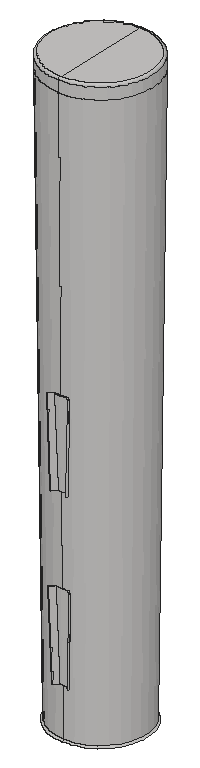
Revit family "QF_Vollrath_PLC-3", category Specialty Equipment, Revit 2016
Family settings
  Part Type = Normal
  Round Connector Dimension = Use Diameter
  OmniClass Number = 23.40.40.00
  OmniClass Title = Food Service Equipment and Furnishings
  Work Plane-Based = Yes
  Always vertical = Yes
  Cut with Voids When Loaded = No
  Shared = No
  Room Calculation Point = No
Parameters
  Width = 4 1/2"
  Weight in Pounds = 0
  Watermarked By = ""
  URL Cutsheet = ""
  Specification by User [instance] = ""
  Specification by Manufacturer [instance] = ""
  Serial Number [instance] = ""
  Revision Code [instance] = ""
  NAFEM Spec ID Number [instance] = ""
  Model = "PLC-3"
  Masterspec [instance] = ""
  Manufacturer = "Vollrath"
  Item Number [instance] = "-"
  Installed By [instance] = ""
  Height = 25 3/4"
  Furnished By [instance] = ""
  Foodservice Equipment Identifier = yes
  Description = "Cup Dispenser"
  Depth = 4 1/2"
  Default Elevation = 48"
  CSI MasterFormat = ""
Reference planes (in)
  plane 1 "BACK": y = 0
  plane 2 "BOTTOM": z = 0
  plane 3 "LEFT": x = -16.56573
  plane 4 "RIGHT": x = -12.06573
  plane 5 "FRONT": y = -4.5
  plane 6 "TOP": z = 25.75
  plane 7: z = 25.16
  plane 8 "CNTR LR": x = -14.31573
  plane 9 "CNTR FB": y = -2.25
  plane 10 "Bottom Screw 1": z = 2.19
  plane 11 "Bottom of Screw 2": z = 5.94
  plane 12 "Top Screw 1": z = 9.69
  plane 13 "Top Screw 2": z = 12.875
Forms (in)
  Revolve 1, solid, material "QF_Stainless-Polished"
    sketch origin (-14.31573, 0, 0) x (0, 1, 0) y (0, 0, 1)
      loop
        line (-0.1, 25.75) -> (-2.25, 25.75) -> (-2.25, 25.16) -> (0, 25.16) -> (0, 25.65)
        arc (0, 25.65) -> (-0.02929, 25.72071) -> (-0.1, 25.75) r 0.1
      axis (-2.25, 25.16) -> (-2.25, 25.75)
    angle from 0 to 360
  Blend 2, solid, material "QF_Stainless-Polished"
    base sketch origin (0, 0, 9.69) x (0, 1, 0) y (-1, 0, 0)
      loop
        arc (-4.32724, 14.47745) -> (-4.33366, 14.31573) -> (-4.32724, 14.154) r 2.04018
        line (-4.32724, 14.154) -> (-4.49289, 13.98834)
        arc (-4.49289, 13.98834) -> (-4.48909, 13.96371) -> (-4.485, 13.93911) r 2.22364
        line (-4.485, 13.93911) -> (-4.29523, 14.14358)
        arc (-4.29523, 14.14358) -> (-4.30262, 14.31573) -> (-4.29523, 14.48787) r 2.00913
        line (-4.29523, 14.48787) -> (-4.485, 14.69234)
        arc (-4.485, 14.69234) -> (-4.48909, 14.66774) -> (-4.49289, 14.64311) r 2.22364
        line (-4.49289, 14.64311) -> (-4.32724, 14.47745)
    top sketch origin (0, 0, 9.69) x (0, 1, 0) y (-1, 0, 0)
      loop
        line (-4.55371, 14.7415) -> (-4.39546, 14.58325)
        arc (-4.39546, 14.58325) -> (-4.41323, 14.31573) -> (-4.39546, 14.0482) r 2.02265
        line (-4.39546, 14.0482) -> (-4.55371, 13.88995)
        arc (-4.55371, 13.88995) -> (-4.54894, 13.86638) -> (-4.5439, 13.84285) r 2.20463
        line (-4.5439, 13.84285) -> (-4.36239, 14.03884)
        arc (-4.36239, 14.03884) -> (-4.38174, 14.31573) -> (-4.36239, 14.59261) r 1.99115
        line (-4.36239, 14.59261) -> (-4.5439, 14.7886)
        arc (-4.5439, 14.7886) -> (-4.54894, 14.76507) -> (-4.55371, 14.7415) r 2.20463
    from 0 to 3.75
  Revolve 3, solid, material "QF_Stainless-Polished"
    sketch origin (-14.31573, 0, 0) x (0, 1, 0) y (0, 0, 1)
      loop
        line (-0.31735, 0) -> (-0.23249, 0)
        arc (-0.23249, 0) -> (-0.28229, 0.0208) -> (-0.30249, 0.07084) r 0.07
        line (-0.30249, 0.07084) -> (0, 25.16) -> (-0.04, 25.16) -> (-0.3425, 0.07027)
        arc (-0.3425, 0.07027) -> (-0.33607, 0.03294) -> (-0.31735, 0) r 0.11
      axis (-2.25, 0) -> (-2.25, 25.16)
    angle from 0 to 360
  Blend 4, solid, material "QF_Stainless-Polished"
    base sketch origin (0, 0.07343, 2.19) x (0, 1, 0) y (-1, 0, 0)
      loop
        arc (-4.32724, 14.47745) -> (-4.33366, 14.31573) -> (-4.32724, 14.154) r 2.04018
        line (-4.32724, 14.154) -> (-4.49289, 13.98834)
        arc (-4.49289, 13.98834) -> (-4.48909, 13.96371) -> (-4.485, 13.93911) r 2.22364
        line (-4.485, 13.93911) -> (-4.29523, 14.14358)
        arc (-4.29523, 14.14358) -> (-4.30262, 14.31573) -> (-4.29523, 14.48787) r 2.00913
        line (-4.29523, 14.48787) -> (-4.485, 14.69234)
        arc (-4.485, 14.69234) -> (-4.48909, 14.66774) -> (-4.49289, 14.64311) r 2.22364
        line (-4.49289, 14.64311) -> (-4.32724, 14.47745)
    top sketch origin (0, 0.07343, 2.19) x (0, 1, 0) y (-1, 0, 0)
      loop
        line (-4.55371, 14.7415) -> (-4.39546, 14.58325)
        arc (-4.39546, 14.58325) -> (-4.41323, 14.31573) -> (-4.39546, 14.0482) r 2.02265
        line (-4.39546, 14.0482) -> (-4.55371, 13.88995)
        arc (-4.55371, 13.88995) -> (-4.54894, 13.86638) -> (-4.5439, 13.84285) r 2.20463
        line (-4.5439, 13.84285) -> (-4.36239, 14.03884)
        arc (-4.36239, 14.03884) -> (-4.38174, 14.31573) -> (-4.36239, 14.59261) r 1.99115
        line (-4.36239, 14.59261) -> (-4.5439, 14.7886)
        arc (-4.5439, 14.7886) -> (-4.54894, 14.76507) -> (-4.55371, 14.7415) r 2.20463
    from 0 to 3.75
Lines and regions (in)
  symbolic lines
    curve 1: circle (-14.31573, -2.25, 9.69) r 2.25 normal (0, 0, 1)
  symbolic lines, style "QF_Details_Surface"
    curve 2: line (-14.59261, -4.36239, 9.69) -> (-14.7873, -4.5439, 9.69)
    curve 3: line (-14.7415, -4.55371, 9.69) -> (-14.58325, -4.39546, 9.69)
    curve 4: arc (-14.03884, -4.36239, 9.69) -> (-14.31573, -4.38174, 9.69) -> (-14.59261, -4.36239, 9.69) r 1.99115
    curve 5: arc (-14.58325, -4.39546, 9.69) -> (-14.31573, -4.41323, 9.69) -> (-14.0482, -4.39546, 9.69) r 2.02265
    curve 6: line (-14.0482, -4.39546, 9.69) -> (-13.88995, -4.55371, 9.69)
    curve 7: line (-13.84415, -4.5439, 9.69) -> (-14.03884, -4.36239, 9.69)
    curve 8: arc (-13.88995, -4.55371, 9.69) -> (-13.86703, -4.54893, 9.69) -> (-13.84415, -4.5439, 9.69) r 2.20725
    curve 9: arc (-14.7873, -4.5439, 9.69) -> (-14.76442, -4.54893, 9.69) -> (-14.7415, -4.55371, 9.69) r 2.20725
Dimensions and locks (in)
  "Width": plane 3 "LEFT" to plane 4 "RIGHT"
  "Depth": plane 5 "FRONT" to plane 1 "BACK"
  "Height": plane 6 "TOP" to plane 2 "BOTTOM"
  locked: plane 6 "TOP" to plane 7 at 0.59
  equal spacing: plane 3 "LEFT", plane 8 "CNTR LR", plane 4 "RIGHT"
  equal spacing: plane 5 "FRONT", plane 9 "CNTR FB", plane 1 "BACK"
  locked: plane 11 "Bottom of Screw 2" to plane 10 "Bottom Screw 1" at 3.75
  locked: plane 12 "Top Screw 1" to plane 11 "Bottom of Screw 2" at 3.75
  equal spacing: plane 6 "TOP", plane 13 "Top Screw 2", plane 2 "BOTTOM"
  plane 10 "Bottom Screw 1" to plane 2 "BOTTOM" = 2.19"
  aligned and locked: level to plane 2 "BOTTOM"
  aligned and locked: Revolve 1 sketch curve to Revolve 1 sketch curve
  aligned and locked: plane 7 to Revolve 1 sketch curve
  aligned and locked: Revolve 1 sketch curve to plane 9 "CNTR FB"
  aligned and locked: Revolve 1 sketch curve to plane 6 "TOP"
  aligned and locked: plane 1 "BACK" to Revolve 1 sketch curve
Automatic sketch dimensions
  Revolve 1 sketch curve to plane 7 = 0"
  Revolve 1 sketch curve to plane 6 "TOP" = 0"
  Revolve 1 sketch curve to Revolve 1 sketch curve = 0.1"
  Blend 2 sketch curve to Blend 2 sketch curve = 0"  (x24)
  Blend 2 sketch curve to plane 8 "CNTR LR" = 0"  (x2)
  Blend 2 sketch curve to plane 5 "FRONT" = 0.00711"  (x2)
  Blend 2 sketch curve to plane 5 "FRONT" = 0.015"  (x2)
  Blend 2 sketch curve to plane 5 "FRONT" = 0.17276"
  plane 8 "CNTR LR" to Blend 2 sketch curve = 0.16173"
  Blend 2 sketch curve to Blend 2 sketch curve = 0.16565"  (x3)
  Blend 2 sketch curve to Blend 2 sketch curve = 0.03201"  (x2)
  plane 8 "CNTR LR" to Blend 2 sketch curve = 0.17214"
  plane 9 "CNTR FB" to Blend 2 sketch curve = 0.04348"
  plane 5 "FRONT" to Blend 2 sketch curve = 0.05371"  (x2)
  Blend 2 sketch curve to Blend 2 sketch curve = 0.00981"  (x2)
  Blend 2 sketch curve to plane 5 "FRONT" = 0.10454"  (x2)
  Blend 2 sketch curve to Blend 2 sketch curve = 0.03307"  (x2)
  plane 9 "CNTR FB" to Blend 2 sketch curve = 0.14058"
  plane 8 "CNTR LR" to Blend 2 sketch curve = 0.26752"
  Blend 2 sketch curve to Blend 2 sketch curve = 0.00936"
  Blend 2 sketch curve to Blend 2 sketch curve = 0.15825"  (x2)
  Revolve 3 sketch curve to plane 7 = 0"  (x2)
  Revolve 3 sketch curve to plane 9 "CNTR FB" = 0"
  Revolve 3 sketch curve to level = 0"  (x2)
  Revolve 3 sketch curve to plane 1 "BACK" = 0"
  level to Revolve 3 sketch curve = 0.07027"
  plane 1 "BACK" to Revolve 3 sketch curve = 0.3425"
  Revolve 3 sketch curve to Revolve 3 sketch curve = 0.02515"
  level to Revolve 3 sketch curve = 0.07084"
  Revolve 3 sketch curve to Revolve 3 sketch curve = 0.04001"
  Revolve 3 sketch curve to Revolve 3 sketch curve = 0.06999"
  Revolve 3 sketch curve to Revolve 3 sketch curve = 0"
  Revolve 3 sketch curve to Revolve 3 sketch curve = 0.04"
  Blend 4 sketch curve to Blend 4 sketch curve = 0"  (x24)
  Blend 4 sketch curve to plane 8 "CNTR LR" = 0"  (x2)
  Blend 4 sketch curve to plane 5 "FRONT" = 0.08054"  (x2)
  Blend 4 sketch curve to plane 5 "FRONT" = 0.08843"  (x2)
  Blend 4 sketch curve to plane 5 "FRONT" = 0.24619"
  plane 8 "CNTR LR" to Blend 4 sketch curve = 0.16173"
  Blend 4 sketch curve to Blend 4 sketch curve = 0.16565"  (x3)
  Blend 4 sketch curve to Blend 4 sketch curve = 0.03201"  (x2)
  plane 8 "CNTR LR" to Blend 4 sketch curve = 0.17214"
  Blend 4 sketch curve to plane 9 "CNTR FB" = 0.02995"
  Blend 4 sketch curve to plane 5 "FRONT" = 0.01972"  (x2)
  Blend 4 sketch curve to Blend 4 sketch curve = 0.00981"  (x2)
  Blend 4 sketch curve to plane 5 "FRONT" = 0.17797"  (x2)
  Blend 4 sketch curve to Blend 4 sketch curve = 0.03307"  (x2)
  plane 9 "CNTR FB" to Blend 4 sketch curve = 0.06715"
  plane 8 "CNTR LR" to Blend 4 sketch curve = 0.26752"
  Blend 4 sketch curve to Blend 4 sketch curve = 0.00936"
  Blend 4 sketch curve to Blend 4 sketch curve = 0.15825"  (x2)
  curve 4 to curve 5 = 0"  (x2)
  curve 4 to plane 8 "CNTR LR" = 0"
  curve 1 to plane 8 "CNTR LR" = 0"
  plane 9 "CNTR FB" to curve 1 = 0"
  curve 8 to plane 8 "CNTR LR" = 0.01338"
  plane 9 "CNTR FB" to curve 8 = 0.14058"
  curve 8 to curve 5 = 0"
  curve 4 to curve 9 = 0"
  curve 2 to plane 5 "FRONT" = 0.13761"
  curve 7 to plane 5 "FRONT" = 0.13761"
  curve 6 to curve 7 = 0.03307"
  curve 3 to curve 2 = 0.03307"
  plane 5 "FRONT" to curve 2 = 0.0439"
  plane 5 "FRONT" to curve 7 = 0.0439"
  curve 3 to curve 2 = 0.00981"
  curve 6 to curve 8 = 0.00981"
  plane 8 "CNTR LR" to curve 9 = 0.01338"
  plane 8 "CNTR LR" to curve 6 = 0.26752"
  curve 7 to curve 6 = 0.00936"
  curve 6 to curve 6 = 0.15825"
  curve 3 to curve 3 = 0.15825"
  radius of curve 1 = 2 1/4"
